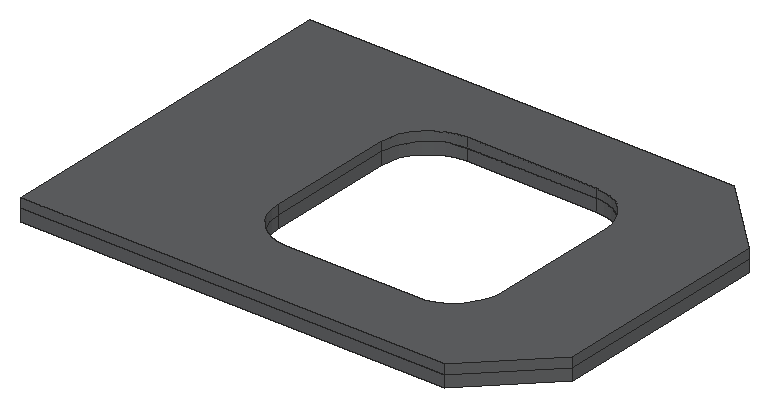
Revit family "Abdeckplatte für Universalträger UT4, runde Einbauöffnung für EKR-Gerät", category Generic Models, Revit 2015
Parameters (values of type "UT34 D1")
  Width = 76 mm
  URL = "http://www.obo-bettermann.com"
  Material = OBO PA
  Manufacturer Art.No. = "7408783"
  Manufacturer = "OBO Bettermann"
  Length = 104 mm
  Height 1 = 2 mm
  Height = 4.5 mm
  GTIN = "4012196435388"
  Article Type = "UT34 D1"
Reference planes
  plane 1 "Center (Front/Back)": y = 0
  plane 2: z = 0
  plane 3 "Center (Left/Right)": x = 0
  plane 4: z = -2
  plane 5: z = -4.5
Forms (mm)
  Extrusion 1, solid, material "OBO PA" <- "Material"
    sketch origin (0, 0, 0) x (1, 0, 0) y (0, 1, 0)
      loop
        line (-62.75, 38) -> (-62.75, -38) -> (26.25, -38) -> (41.25, -23) -> (41.25, 23) -> (26.25, 38) -> (-62.75, 38)
    from 0 to -2
  Extrusion 2, solid, material "OBO PA" <- "Material"
    sketch origin (0, 0, 0) x (1, 0, 0) y (0, 1, 0)
      loop
        line (26.25, 38) -> (-62.75, 38) -> (-62.75, -38) -> (26.25, -38) -> (41.25, -23) -> (41.25, 23) -> (26.25, 38)
      loop
        line (-60.75, 36) -> (-60.75, -36) -> (25.422, -36) -> (39.25, -22.172) -> (39.25, 22.172) -> (25.422, 36) -> (-60.75, 36)
    from -2 to -4.5
  Extrusion 3, void
    sketch origin (0, 0, 0) x (1, 0, 0) y (0, 1, 0)
      loop
        arc (-18.25, 23.5) -> (-25.321, 20.571) -> (-28.25, 13.5) r 10
        line (-28.25, 13.5) -> (-28.25, -13.5)
        arc (-28.25, -13.5) -> (-25.321, -20.571) -> (-18.25, -23.5) r 10
        line (-18.25, -23.5) -> (8.75, -23.5)
        arc (8.75, -23.5) -> (15.821, -20.571) -> (18.75, -13.5) r 10
        line (18.75, -13.5) -> (18.75, 13.5)
        arc (18.75, 13.5) -> (15.821, 20.571) -> (8.75, 23.5) r 10
        line (8.75, 23.5) -> (-18.25, 23.5)
    from 0 to -2
  Extrusion 4, solid, material "OBO PA" <- "Material"
    sketch origin (0, 0, 0) x (1, 0, 0) y (0, 1, 0)
      loop
        arc (-18.25, 23.5) -> (-25.321, 20.571) -> (-28.25, 13.5) r 10
        line (-28.25, 13.5) -> (-28.25, -13.5)
        arc (-28.25, -13.5) -> (-25.321, -20.571) -> (-18.25, -23.5) r 10
        line (-18.25, -23.5) -> (8.75, -23.5)
        arc (8.75, -23.5) -> (15.821, -20.571) -> (18.75, -13.5) r 10
        line (18.75, -13.5) -> (18.75, 13.5)
        arc (18.75, 13.5) -> (15.821, 20.571) -> (8.75, 23.5) r 10
        line (8.75, 23.5) -> (-18.25, 23.5)
      loop
        arc (-18.25, 25) -> (-26.382, 21.632) -> (-29.75, 13.5) r 11.5
        line (-29.75, 13.5) -> (-29.75, -13.5)
        arc (-29.75, -13.5) -> (-26.382, -21.632) -> (-18.25, -25) r 11.5
        line (-18.25, -25) -> (8.75, -25)
        arc (8.75, -25) -> (16.882, -21.632) -> (20.25, -13.5) r 11.5
        line (20.25, -13.5) -> (20.25, 13.5)
        arc (20.25, 13.5) -> (16.882, 21.632) -> (8.75, 25) r 11.5
        line (8.75, 25) -> (-18.25, 25)
    from -2 to -4.5
Cuts and joins
  Extrusion 3 cuts Extrusion 1
Dimensions and locks
  "Height 1": level to plane 4
  "Height": level to plane 5
  locked: Extrusion 1 sketch curve to Extrusion 1 sketch curve at 15  (x2)
  "Width": Extrusion 1 sketch curve to Extrusion 1 sketch curve
  "Length": Extrusion 1 sketch curve to Extrusion 1 sketch curve
  equal spacing: Extrusion 1 sketch curve, plane 1 "Center (Front/Back)", Extrusion 1 sketch curve, locked at 38 each
  locked: plane 3 "Center (Left/Right)" to Extrusion 1 sketch curve at 41.25
  locked: Extrusion 3 sketch curve to Extrusion 3 sketch curve at 47  (x2)
  equal spacing: Extrusion 3 sketch curve, plane 1 "Center (Front/Back)", Extrusion 3 sketch curve, locked at 23.5 each
  locked: Extrusion 3 sketch curve to cut or joined group of Extrusion 1, Extrusion 3 at 22.5
  Extrusion 4 to plane 3 "Center (Left/Right)" = 28.25 mm
  aligned and locked: level to plane 2
  aligned and locked: Extrusion 1 to level
  aligned and locked: plane 4 to Extrusion 1
  aligned and locked: Extrusion 2 sketch curve to Extrusion 1  (x6)
  aligned and locked: Extrusion 1 to Extrusion 2
  aligned and locked: Extrusion 2 to plane 5
  aligned and locked: Extrusion 3 to level
  aligned and locked: Extrusion 1 to Extrusion 3
  aligned and locked: Extrusion 4 sketch curve to cut or joined group of Extrusion 1, Extrusion 3  (x4)
  aligned and locked: Extrusion 4 to plane 4
  aligned and locked: Extrusion 4 to plane 5
Automatic sketch dimensions
  Extrusion 1 sketch curve to Extrusion 1 sketch curve = 15 mm  (x2)
  Extrusion 2 sketch curve to Extrusion 2 sketch curve = 2 mm  (x4)
  Extrusion 2 sketch curve to Extrusion 2 sketch curve = 0.828 mm  (x4)
  Extrusion 3 sketch curve to Extrusion 3 sketch curve = 10 mm  (x2)
  plane 3 "Center (Left/Right)" to Extrusion 3 sketch curve = 8.75 mm  (x2)
  Extrusion 4 sketch curve to Extrusion 4 sketch curve = 0 mm  (x7)
  Extrusion 4 sketch curve to Extrusion 4 sketch curve = 1.5 mm
